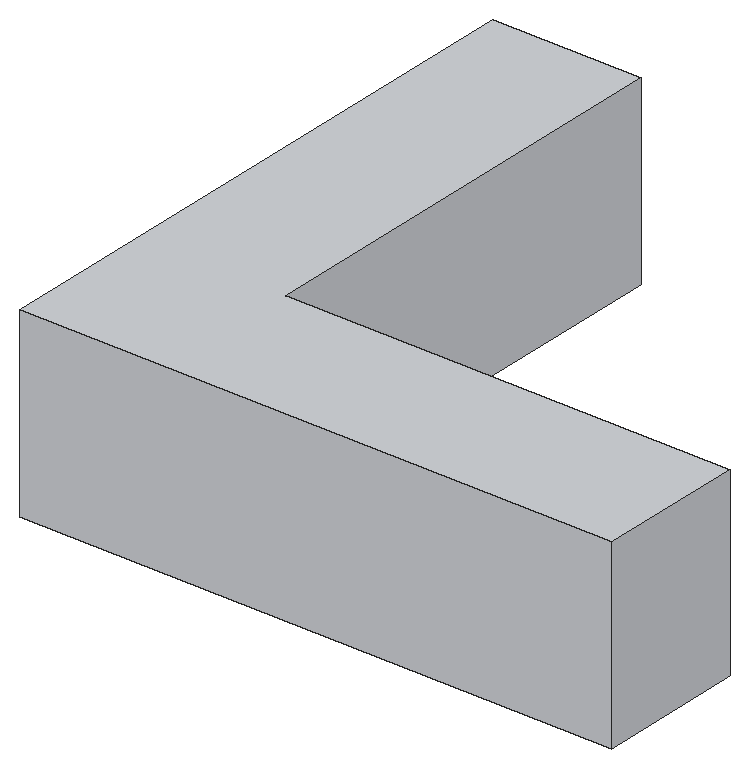
Revit family "族群2", category 柱, Revit 2018
Family settings
  OmniClass 編號 = 23.25.30.11.14.11
  OmniClass 標題 = Columns
  載入時使用空心切割 = 否
  自動將幾何圖形接合到牆 = 是
  共用 = 否
  展示平面視圖中預先切割的族群 = 是
Parameters (values of type "600x600")
  深度 = 800 mm
  寬度 = 800 mm
  TW = 200 mm
  TH = 200 mm
Types (7, lengths in mm): name | 深度 | 寬度 | TW | TH
  (no name) | 800 | 800 | 200 | 200
  Type 1 | 400 | 600 | 100 | 100
  Type 2 | 600 | 600 | 154.145 | 163.659
  Type 3 | 800 | 800 | 200 | 200
  600x900 | 800 | 800 | 200 | 200
  1000x300 | 800 | 800 | 200 | 200
  600x600 | 800 | 800 | 200 | 200
Reference planes
  plane 1 "中心 (前/後)": y = 0
  plane 2: z = 0
  plane 3 "中心 (左/右)": x = 0
  plane 4 "左": x = -400
  plane 5 "右": x = 400
  plane 6 "後": y = 400
  plane 7 "前": y = -400
  plane 8 "offSetH": y = -200
  plane 9 "offSetV": x = -200
Forms (mm)
  Extrusion 1, solid
    sketch origin (0, 0, 0) x (1, 0, 0) y (0, 1, 0)
      loop
        line (-400, 400) -> (-400, -400) -> (400, -400) -> (400, -200) -> (-200, -200) -> (-200, 400) -> (-400, 400)
    from 0 to 250
Dimensions and locks
  equal spacing: plane 4 "左", plane 3 "中心 (左/右)", plane 5 "右"
  equal spacing: plane 7 "前", plane 1 "中心 (前/後)", plane 6 "後"
  "寬度": plane 4 "左" to plane 5 "右"
  "深度": plane 7 "前" to plane 6 "後"
  "TH": plane 8 "offSetH" to plane 7 "前"
  "TW": plane 4 "左" to plane 9 "offSetV"
  aligned and locked: level to plane 2
  aligned and locked: plane 6 "後" to Extrusion 1
  aligned and locked: plane 4 "左" to Extrusion 1
  aligned and locked: plane 7 "前" to Extrusion 1
  aligned and locked: Extrusion 1 to plane 5 "右"
  aligned and locked: plane 8 "offSetH" to Extrusion 1
  aligned and locked: level to Extrusion 1
  aligned and locked: Extrusion 1 to level
Automatic sketch dimensions
  Extrusion 1 sketch curve to plane 4 "左" = 0 mm
  plane 6 "後" to Extrusion 1 sketch curve = 0 mm
  Extrusion 1 sketch curve to plane 9 "offSetV" = 0 mm
  Extrusion 1 sketch curve to plane 5 "右" = 0 mm
  plane 7 "前" to Extrusion 1 sketch curve = 0 mm
  Extrusion 1 sketch curve to plane 8 "offSetH" = 0 mm
